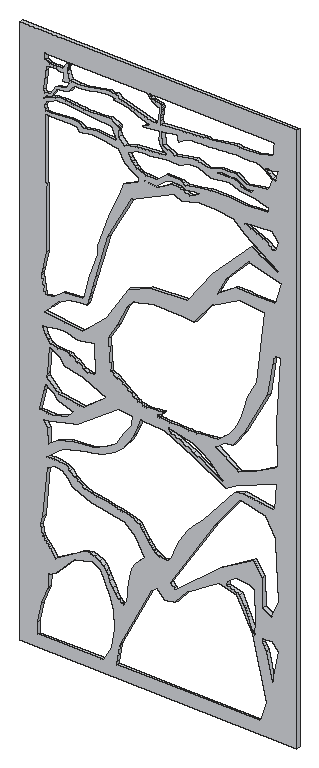
Revit family "Shadow", category Generic Models, Revit 2016
Family settings
  Part Type = Normal
  Can host rebar = No
  Round Connector Dimension = Use Diameter
  Work Plane-Based = No
  Always vertical = Yes
  Cut with Voids When Loaded = No
  Shared = No
  Room Calculation Point = No
Reference planes (in)
  plane 1 "Center (Front/Back)": y = 0
  plane 2: z = 0
  plane 3 "Center (Left/Right)": x = 0
Forms (in)
  Extrusion 1, solid
    sketch origin (192, 0, 0) x (1, 0, 0) y (0, 0, 1)
      loop
        line (-144, 96) -> (-192, 96) -> (-192, 0) -> (-144, 0) -> (-144, 96)
      loop
        line (-187.72546, 92.71735) -> (-187.68501, 91.67806) -> (-187.35033, 91.49594) -> (-187.18254, 91.41616) -> (-187.01419, 91.34992) -> (-186.91573, 91.31933) -> (-186.67481, 91.27231) -> (-186.50245, 91.2588) -> (-186.32717, 91.25768) -> (-186.1481, 91.26551) -> (-185.96439, 91.27885) -> (-185.57958, 91.30835) -> (-185.37675, 91.31765) -> (-185.20825, 91.31933) -> (-184.95049, 91.31412) -> (-184.74431, 91.31926) -> (-184.64934, 91.33091) -> (-184.56229, 91.3515) -> (-184.48503, 91.38319) -> (-184.41943, 91.42816) -> (-184.38472, 91.46454) -> (-184.32808, 91.5638) -> (-184.2976, 91.65003) -> (-184.27152, 91.74286) -> (-184.21129, 91.94103) -> (-184.17637, 92.01823) -> (-184.12742, 92.09724) -> (-184.06704, 92.16666) -> (-183.99404, 92.22501) -> (-183.90725, 92.27082) -> (-183.77272, 92.30904) -> (-183.68877, 92.31893) -> (-183.5698, 92.31866) -> (-183.51568, 92.31202) -> (-183.46848, 92.30087) -> (-183.41715, 92.27908) -> (-183.39385, 92.24224) -> (-183.39759, 92.20919) -> (-183.41495, 92.17499) -> (-183.44229, 92.13744) -> (-183.56479, 91.99812) -> (-183.64963, 91.88232) -> (-183.69838, 91.79546) -> (-183.73644, 91.7085) -> (-183.7656, 91.62146) -> (-183.80432, 91.44718) -> (-183.82879, 91.27278) -> (-183.33858, 89.92593) -> (-181.81662, 89.79277) -> (-180.5632, 89.90243) -> (-176.59506, 90.60213) -> (-175.99744, 90.38461) -> (-175.36593, 90.61446) -> (-174.6216, 89.98989) -> (-168.91433, 88.46064) -> (-168.21329, 88.52197) -> (-167.95661, 89.4799) -> (-167.76485, 90.56743) -> (-167.76485, 91.11961) -> (-168.23529, 91.33898) -> (-168.85372, 91.47352) -> (-169.46995, 92.07352) -> (-169.84768, 92.71735) -> (-187.72546, 92.71735)
      loop
        line (-147.92952, 92.71735) -> (-167.97631, 92.71735) -> (-169.49689, 92.71735) -> (-169.32644, 92.41525) -> (-169.03052, 92.08953) -> (-168.82108, 91.97771) -> (-168.46478, 91.87034) -> (-168.09389, 91.79355) -> (-167.75803, 91.7066) -> (-167.5068, 91.56878) -> (-167.46024, 91.51799) -> (-167.38372, 91.3439) -> (-167.37587, 91.03777) -> (-167.43978, 90.67888) -> (-167.59162, 90.01634) -> (-167.64321, 89.56116) -> (-167.6447, 89.22283) -> (-167.59162, 88.57636) -> (-160.10102, 89.2317) -> (-159.49382, 89.3944) -> (-159.16502, 89.1185) -> (-154.49333, 89.94224) -> (-153.55833, 89.77737) -> (-150.31868, 89.92011) -> (-149.46474, 90.23092) -> (-148.62554, 90.37889) -> (-148.20923, 90.53041) -> (-147.97981, 90.80383) -> (-148.07204, 91.3269) -> (-148.07204, 91.90908) -> (-147.92952, 92.71735)
      loop
        line (-147.6054, 86.91019) -> (-147.23255, 88.51925) -> (-148.30451, 88.23941) -> (-149.37646, 88.4726) -> (-150.00566, 88.61252) -> (-149.25995, 87.93625) -> (-148.14138, 87.07342) -> (-147.6054, 86.91019)
      loop
        line (-148.2191, 86.87442) -> (-148.9527, 87.34118) -> (-149.67343, 87.85768) -> (-150.37685, 88.44107) -> (-151.17635, 88.65475) -> (-152.08174, 88.4921) -> (-152.97114, 88.4572) -> (-153.84522, 88.50626) -> (-154.72572, 88.51626) -> (-155.6209, 88.47005) -> (-156.52677, 88.38212) -> (-157.4318, 88.27446) -> (-158.32428, 88.16927) -> (-159.1925, 88.08873) -> (-160.02474, 88.05502) -> (-160.81489, 88.08002) -> (-161.60162, 88.09312) -> (-162.44508, 87.98425) -> (-163.40553, 87.64308) -> (-164.4679, 87.04601) -> (-164.5996, 87.36076) -> (-164.68596, 87.98253) -> (-165.86757, 87.85468) -> (-167.41011, 87.60464) -> (-167.21734, 85.54755) -> (-165.2316, 84.62158) -> (-161.5153, 85.27687) -> (-159.46913, 84.7286) -> (-158.7208, 84.79407) -> (-157.16254, 85.36123) -> (-155.75941, 85.36123) -> (-154.56523, 85.4657) -> (-152.7128, 84.3962) -> (-148.87479, 85.07295) -> (-148.2191, 86.87442)
      loop
        line (-151.22367, 84.03488) -> (-152.63891, 83.8203) -> (-154.54734, 84.93612) -> (-155.81248, 84.82882) -> (-157.09906, 84.87174) -> (-158.68585, 84.31383) -> (-154.65456, 84.59278) -> (-153.08921, 83.49843) -> (-152.10283, 83.47697) -> (-151.22367, 84.03488)
      loop
        line (-187.9022, 86.98541) -> (-187.71279, 86.43307) -> (-186.63366, 86.72222) -> (-186.15336, 87.40816) -> (-185.79624, 88.02671) -> (-185.18955, 88.24752) -> (-184.70125, 88.29025) -> (-183.84628, 88.60143) -> (-183.4486, 89.29023) -> (-183.58256, 89.40891) -> (-183.72692, 89.50052) -> (-183.80627, 89.52772) -> (-183.87706, 89.5376) -> (-184.07995, 89.51038) -> (-184.26564, 89.45662) -> (-184.34831, 89.43514) -> (-184.4192, 89.42536) -> (-184.47257, 89.43259) -> (-184.51186, 89.46357) -> (-184.53271, 89.51432) -> (-184.53967, 89.58269) -> (-184.53529, 89.66575) -> (-184.52214, 89.76058) -> (-184.47974, 89.97379) -> (-184.43291, 90.19889) -> (-184.4021, 90.41242) -> (-184.39909, 90.50752) -> (-184.40776, 90.59094) -> (-184.43065, 90.65974) -> (-184.47257, 90.71284) -> (-184.52842, 90.74288) -> (-184.60224, 90.75871) -> (-184.78144, 90.7612) -> (-184.97033, 90.75639) -> (-185.16308, 90.77393) -> (-185.50491, 90.85701) -> (-185.82421, 90.93831) -> (-185.98241, 90.9535) -> (-186.06771, 90.94989) -> (-186.50587, 90.87263) -> (-186.65408, 90.87528) -> (-186.82942, 90.89236) -> (-186.99891, 90.89863) -> (-187.07954, 90.88918) -> (-187.14088, 90.87263) -> (-187.299, 90.78224) -> (-187.43326, 90.6679) -> (-187.9022, 86.98541)
      loop
        line (-187.33095, 86.19383) -> (-187.94214, 85.58264) -> (-187.22546, 85.87704) -> (-186.71868, 86.08522) -> (-186.13718, 86.29687) -> (-185.79542, 86.42126) -> (-185.28379, 86.51148) -> (-184.70154, 86.57267) -> (-184.07476, 86.57267) -> (-183.52915, 86.50568) -> (-182.65497, 86.39834) -> (-182.01559, 86.30446) -> (-180.94119, 86.22933) -> (-180.37886, 86.21952) -> (-179.59232, 86.23079) -> (-177.88418, 86.30854) -> (-176.33213, 86.44432) -> (-175.03572, 85.83979) -> (-174.86013, 85.71684) -> (-174.81599, 85.46652) -> (-174.92318, 85.06648) -> (-174.84914, 84.22026) -> (-173.80733, 83.17844) -> (-171.90652, 83.68776) -> (-166.66436, 84.14639) -> (-166.66436, 84.40512) -> (-167.3648, 84.73174) -> (-167.80374, 85.67305) -> (-167.90113, 86.2254) -> (-167.86373, 86.65292) -> (-167.88268, 87.53805) -> (-168.92731, 87.40316) -> (-169.84488, 87.3112) -> (-170.47972, 87.2797) -> (-170.67621, 87.32615) -> (-170.27872, 87.46807) -> (-169.47172, 87.70118) -> (-169.53602, 87.94918) -> (-170.39846, 88.18443) -> (-171.13304, 88.42319) -> (-171.72495, 88.65965) -> (-172.24194, 88.88595) -> (-172.75175, 89.09422) -> (-173.32213, 89.27658) -> (-174.02082, 89.42518) -> (-174.91557, 89.53214) -> (-175.79103, 89.62908) -> (-175.36174, 89.89461) -> (-176.16843, 90.03034) -> (-176.80616, 90.13624) -> (-177.52875, 90.06653) -> (-178.21973, 89.95299) -> (-178.89307, 89.81887) -> (-179.57047, 89.6811) -> (-180.25895, 89.56493) -> (-180.9524, 89.49413) -> (-181.64698, 89.44126) -> (-182.34098, 89.3793) -> (-182.78386, 89.12361) -> (-183.37151, 88.28435) -> (-184.30435, 88.0344) -> (-185.50168, 87.82328) -> (-186.4072, 86.53005) -> (-187.33095, 86.19383)
      loop
        line (-183.28923, 83.94672) -> (-181.91804, 83.82675) -> (-181.06032, 83.22617) -> (-178.83592, 83.61839) -> (-175.14546, 83.29552) -> (-175.78104, 84.65851) -> (-176.08094, 85.48249) -> (-177.63524, 85.48249) -> (-183.57871, 86.00247) -> (-185.88987, 86.00787) -> (-186.40542, 85.74607) -> (-187.24338, 85.32054) -> (-187.73663, 84.59104) -> (-187.61013, 83.62993) -> (-186.91018, 83.62993) -> (-183.28923, 83.94672)
      loop
        line (-187.60424, 83.23218) -> (-187.36652, 61.82219) -> (-188.33508, 57.99624) -> (-187.81471, 55.04509) -> (-186.11378, 55.34501) -> (-184.43975, 56.51718) -> (-181.05085, 56.81367) -> (-180.00804, 60.70549) -> (-178.61486, 64.53321) -> (-178.49721, 65.87794) -> (-176.59978, 71.0911) -> (-174.66107, 75.24867) -> (-173.996, 77.07593) -> (-171.36554, 78.30253) -> (-171.36554, 78.99445) -> (-172.61121, 79.57531) -> (-173.83522, 80.43238) -> (-174.89469, 82.26743) -> (-178.14192, 82.84) -> (-178.82386, 82.96025) -> (-179.55601, 82.96025) -> (-180.8544, 82.73131) -> (-181.68726, 82.58445) -> (-182.26947, 83.16666) -> (-183.32465, 83.35272) -> (-183.65583, 83.23218) -> (-186.4285, 83.23218) -> (-187.60424, 83.23218)
      loop
        line (-172.39967, 82.6128) -> (-173.39439, 82.34626) -> (-172.89253, 81.62953) -> (-172.57562, 81.19333) -> (-172.03833, 80.59661) -> (-171.73945, 80.34582) -> (-171.45871, 80.15646) -> (-171.09169, 79.97746) -> (-170.57842, 79.83028) -> (-170.18334, 79.7677) -> (-169.78053, 79.73953) -> (-169.1181, 79.73953) -> (-168.24968, 79.79397) -> (-166.64657, 81.13914) -> (-163.952, 81.13914) -> (-163.24719, 80.64563) -> (-161.14891, 81.01561) -> (-158.99598, 81.39523) -> (-155.94978, 81.39523) -> (-152.77137, 81.11715) -> (-148.83626, 81.46143) -> (-148.97625, 82.25532) -> (-151.72644, 82.99223) -> (-154.14854, 83.20414) -> (-155.84605, 83.82198) -> (-159.04175, 83.2585) -> (-161.16334, 84.24781) -> (-162.72662, 84.24781) -> (-164.35319, 83.48933) -> (-166.36076, 83.48933) -> (-167.62288, 83.37891) -> (-169.30285, 83.08269) -> (-170.50656, 83.188) -> (-171.73122, 83.08085) -> (-172.39967, 82.6128)
      loop
        line (-168.32235, 78.84188) -> (-170.53859, 78.96361) -> (-169.69808, 78.65159) -> (-168.08484, 78.54307) -> (-165.70783, 79.94056) -> (-164.29487, 79.91343) -> (-162.54606, 79.30296) -> (-160.34989, 80.23902) -> (-162.12581, 80.26615) -> (-163.30524, 79.95413) -> (-164.09152, 80.42894) -> (-165.97589, 80.48321) -> (-166.50576, 80.23919) -> (-168.32235, 78.84188)
      loop
        line (-148.30451, 78.81876) -> (-153.4539, 78.4723) -> (-149.25995, 76.81503) -> (-148.14138, 75.9522) -> (-147.6054, 75.78897) -> (-147.23255, 77.39803) -> (-148.30451, 78.81876)
      loop
        line (-153.06905, 76.72293) -> (-155.02066, 78.36052) -> (-157.72081, 78.83663) -> (-161.21568, 78.83663) -> (-163.9874, 78.09396) -> (-165.38176, 78.60146) -> (-172.5687, 75.25014) -> (-176.74596, 68.01491) -> (-180.3705, 56.13672) -> (-181.84306, 56.13672) -> (-183.51204, 55.84243) -> (-185.24159, 54.84388) -> (-186.45545, 53.63002) -> (-187.92442, 52.39741) -> (-181.23346, 51.64608) -> (-176.92805, 55.30171) -> (-173.1445, 61.04627) -> (-169.36095, 62.48241) -> (-162.96806, 62.87408) -> (-158.53218, 68.61864) -> (-151.863, 75.10284) -> (-150.58347, 74.46263) -> (-147.18879, 72.54093) -> (-147.1827, 72.83808) -> (-153.06905, 76.72293)
      loop
        line (-154.56618, 67.80259) -> (-152.56775, 67.77125) -> (-151.3519, 67.70885) -> (-147.65824, 67.71948) -> (-146.71219, 71.17207) -> (-152.32986, 72.56505) -> (-156.247, 68.58248) -> (-157.81376, 65.81259) -> (-154.56618, 67.80259)
      loop
        line (-149.66041, 65.6158) -> (-153.96583, 66.13803) -> (-158.66264, 63.78799) -> (-161.66339, 60.0018) -> (-164.27273, 60.26292) -> (-169.02536, 60.22744) -> (-172.28045, 59.48566) -> (-173.34399, 58.26013) -> (-175.01987, 54.80927) -> (-176.68921, 52.2505) -> (-176.36761, 47.27223) -> (-175.1969, 46.61784) -> (-174.61378, 46.26943) -> (-173.91166, 45.81292) -> (-172.88583, 45.07536) -> (-172.32385, 44.67947) -> (-171.77344, 44.33441) -> (-171.54833, 44.21308) -> (-171.23553, 44.07002) -> (-170.96357, 43.97251) -> (-170.68078, 43.89755) -> (-170.38037, 43.84464) -> (-170.05555, 43.81324) -> (-169.69952, 43.80285) -> (-169.3055, 43.81294) -> (-168.62892, 43.86529) -> (-168.37828, 43.89199) -> (-167.88052, 43.94758) -> (-167.65465, 43.97049) -> (-167.45864, 43.98611) -> (-167.3034, 43.99144) -> (-167.1998, 43.98345) -> (-167.15876, 43.95912) -> (-167.19085, 43.91552) -> (-167.2933, 43.85289) -> (-167.44541, 43.77579) -> (-167.81078, 43.59759) -> (-167.98013, 43.50619) -> (-168.07284, 43.44794) -> (-168.19247, 43.34096) -> (-168.2254, 43.26982) -> (-168.21374, 43.20586) -> (-168.16099, 43.14867) -> (-168.07063, 43.09782) -> (-167.94617, 43.05291) -> (-167.79109, 43.01351) -> (-167.6089, 42.9792) -> (-167.40307, 42.94957) -> (-167.17711, 42.92421) -> (-166.67877, 42.8846) -> (-166.14181, 42.85703) -> (-164.9449, 42.82191) -> (-164.57618, 42.81346) -> (-164.13561, 42.80371) -> (-163.73618, 42.79567) -> (-163.37185, 42.78958) -> (-163.0366, 42.78572) -> (-162.72438, 42.78435) -> (-162.14496, 42.79008) -> (-161.33039, 42.82191) -> (-160.99889, 42.84259) -> (-160.36837, 42.89069) -> (-159.70193, 42.95034) -> (-159.00854, 43.01865) -> (-157.57686, 43.1697) -> (-156.63541, 43.95391) -> (-155.7425, 44.76781) -> (-154.94665, 45.64107) -> (-154.27962, 46.63405) -> (-153.81821, 47.67138) -> (-153.44158, 48.80423) -> (-153.11318, 49.82155) -> (-152.63192, 51.05389) -> (-152.13462, 52.13172) -> (-151.59758, 53.18919) -> (-151.04068, 54.23647) -> (-149.66041, 65.6158)
      loop
        line (-156.47652, 43.05189) -> (-158.04829, 41.96799) -> (-154.43832, 39.73863) -> (-154.03127, 39.3893) -> (-151.24178, 40.3419) -> (-147.37339, 42.41) -> (-147.4356, 49.18762) -> (-146.75125, 59.63387) -> (-147.93331, 59.63387) -> (-148.98988, 53.10603) -> (-153.07453, 45.82963) -> (-155.023, 43.2542) -> (-156.47652, 43.05189)
      loop
        line (-161.85506, 39.64869) -> (-160.14359, 38.8032) -> (-157.90802, 37.63167) -> (-156.82481, 37.11137) -> (-159.09955, 39.27929) -> (-160.51462, 40.27747) -> (-162.16109, 41.14464) -> (-163.91588, 41.59991) -> (-166.29894, 41.99013) -> (-165.84757, 41.38399) -> (-164.24443, 40.69025) -> (-161.85506, 39.64869)
      loop
        line (-188.0009, 50.15979) -> (-187.57973, 48.98293) -> (-187.19484, 48.37811) -> (-186.73432, 47.89535) -> (-186.16452, 47.63853) -> (-185.4936, 47.54076) -> (-184.773, 47.51447) -> (-183.71545, 47.41199) -> (-183.36355, 47.31265) -> (-182.73035, 47.03262) -> (-182.12994, 46.67919) -> (-181.54239, 46.30638) -> (-180.94775, 45.9682) -> (-180.2058, 45.68639) -> (-179.66177, 45.59946) -> (-178.96956, 45.56428) -> (-179.15036, 50.68274) -> (-181.09851, 50.29074) -> (-181.95403, 50.04613) -> (-184.30451, 50.61811) -> (-185.87479, 50.68358) -> (-188.0009, 50.15979)
      loop
        line (-187.20505, 43.03802) -> (-187.32815, 42.51595) -> (-185.19982, 40.47661) -> (-181.00289, 39.92191) -> (-177.01943, 42.77465) -> (-181.16888, 44.62698) -> (-184.35177, 45.17341) -> (-185.19963, 46.37123) -> (-186.88476, 47.26879) -> (-187.20505, 43.03802)
      loop
        line (-187.62388, 41.26174) -> (-188.63097, 36.99064) -> (-187.40931, 36.92795) -> (-186.19346, 36.86556) -> (-183.73058, 37.5519) -> (-182.76414, 38.64381) -> (-185.5076, 39.61093) -> (-186.16228, 40.42206) -> (-186.97285, 40.85882) -> (-187.62388, 41.26174)
      loop
        line (-187.9215, 35.6176) -> (-187.13341, 34.57803) -> (-187.01911, 32.16127) -> (-185.42955, 33.16999) -> (-183.02923, 33.93021) -> (-181.47346, 34.07616) -> (-179.18082, 34.29125) -> (-177.03147, 35.22328) -> (-175.31199, 36.2987) -> (-174.02238, 38.37786) -> (-172.62678, 40.03076) -> (-172.44951, 41.70699) -> (-174.86233, 41.9041) -> (-182.04118, 37.08855) -> (-187.9215, 35.6176)
      loop
        line (-187.38873, 30.11529) -> (-186.27299, 30.16035) -> (-185.19979, 30.10516) -> (-184.00702, 29.75484) -> (-183.34114, 29.31588) -> (-182.53967, 28.60929) -> (-181.57334, 27.82087) -> (-180.8074, 27.42078) -> (-179.80471, 27.10645) -> (-178.7484, 26.90979) -> (-177.56494, 26.74645) -> (-176.61494, 26.60207) -> (-175.57257, 26.42116) -> (-174.54183, 26.22602) -> (-173.51691, 26.02376) -> (-172.3163, 25.70304) -> (-171.81972, 25.48027) -> (-171.33147, 25.13285) -> (-170.57328, 24.27019) -> (-169.86481, 23.26136) -> (-168.83268, 22.08354) -> (-168.49587, 21.81077) -> (-167.90984, 21.44399) -> (-167.30841, 21.21431) -> (-166.48353, 21.24461) -> (-166.23749, 21.3842) -> (-165.8273, 21.81467) -> (-165.49489, 22.3775) -> (-165.29535, 22.81581) -> (-164.70125, 24.34454) -> (-164.28932, 25.16828) -> (-163.64201, 26.16007) -> (-162.88213, 27.10211) -> (-162.03782, 28.00685) -> (-160.20849, 29.75413) -> (-154.81239, 35.88943) -> (-153.1703, 36.36934) -> (-147.94559, 35.53224) -> (-147.59713, 39.82316) -> (-154.07903, 37.3742) -> (-156.42478, 36.10248) -> (-162.00351, 39.06213) -> (-167.13126, 41.27255) -> (-171.01469, 41.58979) -> (-171.55027, 40.16976) -> (-172.1625, 38.79361) -> (-172.86852, 37.59069) -> (-173.90022, 36.34518) -> (-175.05633, 35.3435) -> (-176.35828, 34.52802) -> (-177.70693, 33.94724) -> (-179.24638, 33.53929) -> (-180.75075, 33.26839) -> (-182.23767, 32.99462) -> (-184.32454, 32.32514) -> (-184.98747, 31.96664) -> (-186.21309, 31.10062) -> (-187.38873, 30.11529)
      loop
        line (-165.10298, 17.20283) -> (-157.01994, 23.45983) -> (-151.54326, 26.54107) -> (-149.96318, 24.44839) -> (-149.90191, 19.78963) -> (-148.29974, 18.97558) -> (-147.09146, 21.57311) -> (-147.62926, 30.74238) -> (-147.7205, 31.27095) -> (-149.46024, 34.24555) -> (-153.75959, 35.1156) -> (-158.02912, 29.85146) -> (-165.89543, 18.07406) -> (-165.10298, 17.20283)
      loop
        line (-156.13031, 21.1438) -> (-153.84675, 20.42217) -> (-152.94534, 18.55797) -> (-151.62328, 15.61132) -> (-151.26271, 15.00996) -> (-151.08243, 17.11471) -> (-151.32281, 21.9857) -> (-152.28431, 22.64719) -> (-154.56787, 22.76747) -> (-156.07022, 21.74516) -> (-156.13031, 21.1438)
      loop
        line (-186.73035, 15.96394) -> (-185.90543, 14.78693) -> (-183.19882, 16.24666) -> (-181.69059, 17.11398) -> (-181.167, 17.4155) -> (-180.4552, 17.69574) -> (-179.67787, 17.73435) -> (-178.8826, 17.5408) -> (-178.12656, 17.16107) -> (-177.46882, 16.64075) -> (-176.96706, 16.02317) -> (-176.64215, 15.3494) -> (-176.38571, 14.71421) -> (-175.91478, 13.79174) -> (-175.41152, 13.00647) -> (-174.88473, 12.34722) -> (-174.39328, 11.91498) -> (-174.13295, 11.8054) -> (-173.9952, 11.80911) -> (-173.84083, 11.89353) -> (-173.71221, 12.06006) -> (-173.51657, 12.60431) -> (-173.37701, 13.37164) -> (-173.26225, 14.29183) -> (-172.98202, 16.30987) -> (-172.60689, 17.69574) -> (-172.42688, 18.09892) -> (-171.99824, 18.7884) -> (-171.4926, 19.36966) -> (-170.35298, 20.35182) -> (-172.00553, 23.01212) -> (-173.94547, 24.73772) -> (-179.69346, 25.74432) -> (-182.85485, 26.89471) -> (-183.7889, 28.04511) -> (-184.57252, 28.77827) -> (-185.33571, 29.06244) -> (-186.1344, 29.0802) -> (-187.21707, 28.38752) -> (-188.0077, 20.55057) -> (-188.42097, 19.19714) -> (-188.15798, 17.48655) -> (-186.73035, 15.96394)
      loop
        line (-147.11075, 13.8432) -> (-148.3645, 15.10641) -> (-150.01024, 14.9663) -> (-149.92493, 14.41255) -> (-149.23005, 13.18259) -> (-148.1864, 8.7955) -> (-147.11075, 13.8432)
      loop
        line (-174.81993, 5.12174) -> (-175.27745, 2) -> (-166.21196, 2) -> (-150.32112, 2) -> (-149.27734, 5.28553) -> (-151.75876, 14.99235) -> (-154.46575, 20.18437) -> (-157.51112, 20.97447) -> (-159.54136, 19.73289) -> (-162.9586, 17.64313) -> (-164.95535, 15.33096) -> (-166.89934, 15.00632) -> (-168.32032, 16.37252) -> (-169.15618, 15.70336) -> (-174.81993, 5.12174)
      loop
        line (-188.94796, 3.92305) -> (-188.94796, 2) -> (-177.57996, 2) -> (-176.12806, 4.29162) -> (-175.58764, 7.38188) -> (-175.80435, 10.27827) -> (-176.53105, 12.45988) -> (-178.05711, 15.73229) -> (-179.58317, 16.60493) -> (-182.48996, 15.80501) -> (-185.61475, 12.67804) -> (-186.97685, 11.95731) -> (-187.12108, 9.88861) -> (-188.2749, 7.05016) -> (-188.94796, 3.92305)
    from 0 to 0.5
Dimensions and locks (in)
  aligned and locked: plane 2 to level
